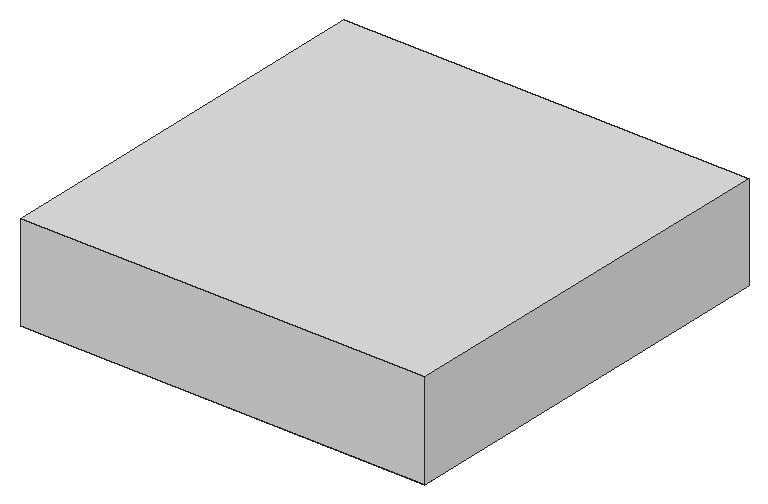
Revit family "290270 OmniLED NM ST LED LP 1t_Tak", category Lighting Fixtures, Revit 2016
Family settings
  Part Type = Normal
  Round Connector Dimension = Use Diameter
  OmniClass Number = 23.80.70.11.21
  OmniClass Title = Emergency Lighting
  Work Plane-Based = No
  Always vertical = Yes
  Cut with Voids When Loaded = No
  Light Source = Yes
  Shared = No
  Room Calculation Point = No
Parameters (values of type "Ledelys")
  Wattage = 9.2903 W
  built-in parameter 1150110 = 1 (stored number, unit not read)
  Type Comments = "-UN"
  built-in parameter 1114217 = 1 (stored number, unit not read)
  Tilt Angle = 90.00°
  built-in parameter 1150109 = 1 (stored number, unit not read)
  built-in parameter 1150134 = 3
  built-in parameter 1150113 = 1 (stored number, unit not read)
  Photometric Web File = "2x4 3Lamp.ies"
  Number of Poles = 1
  Symbol Positive Direction [instance] = yes
  NS8360 = "4432_WT2"
  Manufacturer = "Honeywell"
  built-in parameter 1150105 = 109.82 (stored number, unit not read)
  Lumens = 1380 lm
  built-in parameter 1150115 = 1 (stored number, unit not read)
  built-in parameter 1150137 = (empty or 0)
  built-in parameter 1150139 = (empty or 0)
  built-in parameter 1150112 = 1 (stored number, unit not read)
  built-in parameter 1150114 = 1 (stored number, unit not read)
  Keynote = "WT2"
  built-in parameter 1150132 = (empty or 0)
  built-in parameter 1150102 = (empty or 0)
  built-in parameter 1150107 = 3200 (stored number, unit not read)
  built-in parameter 1150138 = (empty or 0)
  built-in parameter 1150106 = 1.0982 (stored number, unit not read)
  Height = 48 mm
  Voltage = 230 V
  Symbol Offset Side [instance] = 0 mm
  Symbol Offset Out [instance] = 0 mm
  Material = Plastic - White
  Loads [instance] = 0 VA
  Length B = 160 mm
  Length A = 160 mm
  Glass Material = Plastic - Glass
  Emit from Rectangle Width = Length B  # 160 mm
  Emit from Rectangle Length = Length A  # 160 mm
  Emit Shape Visible in Rendering = no
  built-in parameter 1150104 = 13.8 (stored number, unit not read)
  Dimming Lamp Color Temperature Shift = <None>
  Color Filter = 16777215
  built-in parameter 1114218 = 1 (stored number, unit not read)
  built-in parameter 1150133 = 10 (stored number, unit not read)
  Assembly Code = "4432"
Reference planes
  plane 1 "Light Source Axis (F/B)": y = 0
  plane 2: z = 0
  plane 3 "Light Source Axis (L/R)": x = 0
  plane 4 "Light Source Elevation": z = 0
  plane 5: z = -48
  plane 6: z = -45
  plane 7: z = -38
  plane 8: y = 80
  plane 9: x = 80
  plane 10: y = -80
  plane 11: x = -80
  plane 12: y = 15
  plane 13: x = 15
  plane 14: y = -15
  plane 15: x = -15
Forms (mm)
  Extrusion 1, solid, material "Plastic - White" <- "Material"
    sketch origin (0, 0, 0) x (1, 0, 0) y (0, 1, 0)
      loop
        line (-80, 80) -> (-80, -80) -> (80, -80) -> (80, 80) -> (-80, 80)
    from 0 to -38
  Blend 2, solid, material "Plastic - White" <- "Material"
    base sketch origin (0, 0, 0) x (1, 0, 0) y (0, 1, 0)
      loop
        line (-80, 80) -> (-80, -80) -> (80, -80) -> (80, 80) -> (-80, 80)
    top sketch origin (0, 0, 0) x (1, 0, 0) y (0, 1, 0)
      loop
        line (-15, 15) -> (-15, -15) -> (15, -15) -> (15, 15) -> (-15, 15)
    from -38 to -45
  Revolve 3, solid, material "Plastic - Glass" <- "Glass Material"
    sketch origin (0, 0, 0) x (1, 0, 0) y (0, 0, 1)
      loop
        line (0, -45) -> (0, -48) -> (0.8, -48)
        arc (0.8, -48) -> (2.993, -47.133) -> (4, -45) r 3.207
        line (4, -45) -> (0, -45)
      axis (0, -45) -> (0, -48)
    angle from 0 to 360
Lines and regions (mm)
  model lines, style "InvisibleLines"
    curve 1: line (0, 0, 0) -> (0, 0, -45)
  symbolic lines, style "InvisibleLines"
    curve 2: line (0, 0, 50) -> (0, 0, 0)
Dimensions and locks
  plane 4 "Light Source Elevation" to plane 2 = 0 mm
  "Height": plane 4 "Light Source Elevation" to plane 5
  locked: plane 6 to plane 5 at 3
  locked: plane 7 to plane 5 at 10
  equal spacing: plane 11, plane 3 "Light Source Axis (L/R)", plane 9
  equal spacing: plane 8, plane 1 "Light Source Axis (F/B)", plane 10
  "Length A": plane 11 to plane 9
  "Length B": plane 8 to plane 10
  plane 12 to plane 1 "Light Source Axis (F/B)" to plane 14 = 15 mm locked, 15 mm locked
  plane 15 to plane 3 "Light Source Axis (L/R)" to plane 13 = 15 mm locked, 15 mm locked
  aligned and locked: plane 2 to level
  aligned and locked: plane 1 "Light Source Axis (F/B)" to nested 1
  aligned and locked: plane 3 "Light Source Axis (L/R)" to nested 1
  aligned and locked: Extrusion 1 sketch curve to plane 8
  aligned and locked: plane 11 to Extrusion 1 sketch curve
  aligned and locked: plane 10 to Extrusion 1 sketch curve
  aligned and locked: Extrusion 1 sketch curve to plane 9
  aligned and locked: Extrusion 1 to plane 7
  aligned and locked: Extrusion 1 to plane 4 "Light Source Elevation"
  aligned and locked: Blend 2 sketch curve to plane 8
  aligned and locked: plane 11 to Blend 2 sketch curve
  aligned and locked: plane 10 to Blend 2 sketch curve
  aligned and locked: Blend 2 sketch curve to plane 9
  aligned and locked: Blend 2 sketch curve to plane 12
  aligned and locked: plane 15 to Blend 2 sketch curve
  aligned and locked: Blend 2 sketch curve to plane 14
  aligned and locked: Blend 2 sketch curve to plane 13
  aligned and locked: plane 7 to Blend 2
  aligned and locked: Revolve 3 sketch curve to plane 3 "Light Source Axis (L/R)"  (x2)
  aligned and locked: Revolve 3 sketch curve to plane 6
  aligned and locked: Revolve 3 sketch curve to plane 5
  aligned and locked: imposter light to plane 3 "Light Source Axis (L/R)"
  aligned and locked: imposter light to plane 5
  aligned and locked: imposter light to plane 1 "Light Source Axis (F/B)"
  aligned and locked: curve 2 to plane 3 "Light Source Axis (L/R)"
  aligned and locked: level to curve 2
Automatic sketch dimensions
  plane 6 to Revolve 3 sketch curve = 0.207 mm
  plane 3 "Light Source Axis (L/R)" to Revolve 3 sketch curve = 0.8 mm
  Revolve 3 sketch curve to plane 5 = 256.8 mm
  level to Revolve 3 sketch curve = 2366.751 mm
  curve 1 to plane 6 = 0 mm
  level to curve 2 = 50 mm
Nested families
  nested 1: "LedelysS" at (0, 0, 0), type "Type 1"
Connectors
  electrical at (0, 0, 0), driven by "Voltage", driven by "Loads", driven by "Number of Poles", driven by "Loads"
    settings: on plane 4 "Light Source Elevation", index 1, voltage 230 V, apparent load 0 VA, apparent load phase1 0 VA, apparent load phase2 0 VA, apparent load phase3 0 VA, power factor 1, load classification "Lighting", number of poles 1, system type 30, power factor state 1, is connector primary yes, connector utility no, sub classification motor no, connector description ""
Definition of nested family "LedelysS"
  Parameters
    CQ Symbol Positive Direction = yes
    CQ Symbol Negative Direction = not(CQ Symbol Positive Direction)  # no
    CQ Symbol Offset Side = 0 mm
    CQ Symbol Offset Out = 0 mm
  Reference planes
    plane 1: y = 0
    plane 2: x = 0
  Dimensions and locks
    "CQ Symbol Offset Out": plane 1 to nested 1
    "CQ Symbol Offset Out": plane 1 to nested 2
    "CQ Symbol Offset Side": plane 2 to nested 2
    "CQ Symbol Offset Side": nested 1 to plane 2
  Nested families
    nested 1: "LedelysSub" at (0, 0, 0), visible <- "CQ Symbol Negative Direction", type "Type 1"
    nested 2: "LedelysSub" at (0, 0, 0), visible <- "CQ Symbol Positive Direction", type "Type 1"
  Definition of nested family "LedelysSub"
    Reference planes
      plane 1: y = 0
      plane 2: x = 0
    Lines and regions (mm)
      detail lines
        curve 1: line (-4, -2, 0) -> (4, -2, 0)
        curve 2: line (4, -2, 0) -> (4, 2, 0)
        curve 3: line (4, 2, 0) -> (-4, 2, 0)
        curve 4: line (-4, 2, 0) -> (-4, -2, 0)
        curve 5: line (-3.097, -1.25, 0) -> (-0.597, 1.25, 0)
        curve 6: line (-3.097, 1.25, 0) -> (-0.597, -1.25, 0)
        curve 7: circle (-1.847, 0, 0) r 1.2 normal (0, 0, 1)
    Text (mm)
      text "LL" at (2.179, 1.025, 0)
